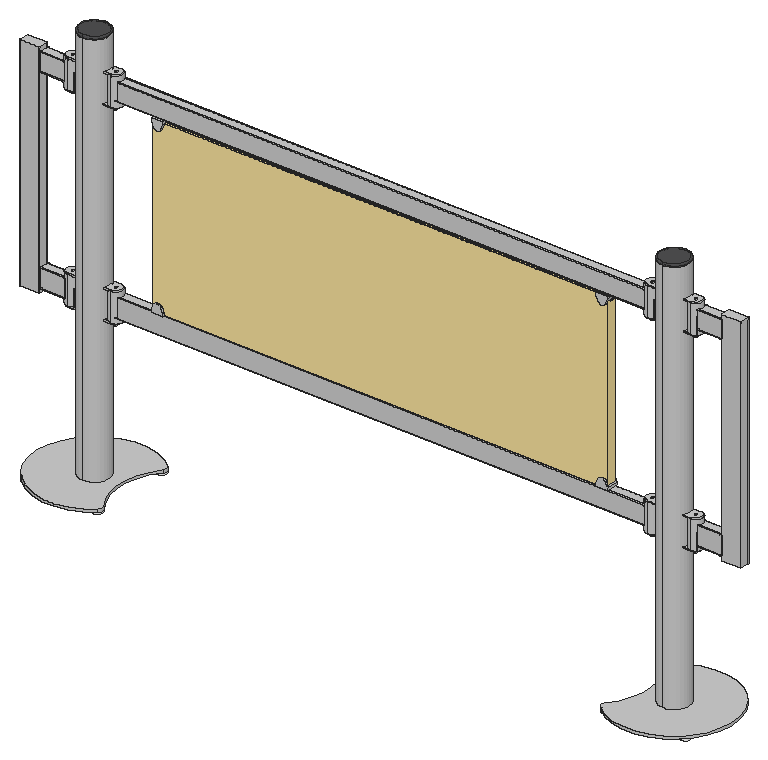
Revit family "PQR-541-PNL", category Furniture, Revit 2021
Family settings
  OmniClass Number = 23.40.20.00
  OmniClass Title = General Furniture and Specialties
  Work Plane-Based = No
  Always vertical = Yes
  Cut with Voids When Loaded = No
  Shared = No
  Room Calculation Point = No
Parameters
  W = 5' - 0"
  Frame [instance] = CEN_Frame_Metallic Silver Powdercoat (MS)
  Panel [instance] = Render Material 255-223-127
  Model = "PQR-541-PNL"
  End pieces on/off R [instance] = yes
  End pieces on/off L [instance] = yes
  Default Elevation = 0' - 0"
Reference planes (in)
  plane 1 "Center Front/Back": y = 0
  plane 2: z = 0
  plane 3 "Center Left/Right": x = 0
  plane 4: x = -30
  plane 5: x = 30
  plane 6: x = -23.5
  plane 7: x = 23.5
  plane 8: x = -27.5
  plane 9: x = 27.5
Forms (in)
  Extrusion 1, solid, material "CEN_Frame_Metallic Silver Powdercoat (MS)" <- "Frame"
    sketch origin (-23.29168, 0.50272, 36.0271) x (0, -1, 0) y (0, 0, 1)
      loop
        line (1, 0) -> (1, 1.78554)
        arc (1, 1.78554) -> (0.98091, 1.83163) -> (0.93482, 1.85072) r 0.06518
        line (0.93482, 1.85072) -> (0.06518, 1.85072)
        arc (0.06518, 1.85072) -> (0.01909, 1.83163) -> (0, 1.78554) r 0.06518
        line (0, 1.78554) -> (0, 0)
        arc (0, 0) -> (0.01909, -0.04609) -> (0.06518, -0.06518) r 0.06518
        line (0.06518, -0.06518) -> (0.93482, -0.06518)
        arc (0.93482, -0.06518) -> (0.98091, -0.04609) -> (1, 0) r 0.06518
      loop
        line (1, -20.08373) -> (1, -18.21446)
        arc (1, -18.21446) -> (0.98091, -18.16837) -> (0.93482, -18.14928) r 0.06518
        line (0.93482, -18.14928) -> (0.06518, -18.14928)
        arc (0.06518, -18.14928) -> (0.01909, -18.16837) -> (0, -18.21446) r 0.06518
        line (0, -18.21446) -> (0, -20.08373)
        arc (0, -20.08373) -> (0.01909, -20.12982) -> (0.06518, -20.14891) r 0.06518
        line (0.06518, -20.14891) -> (0.93482, -20.14891)
        arc (0.93482, -20.14891) -> (0.98091, -20.12982) -> (1, -20.08373) r 0.06518
    from 4.20832 to -50.79168
  Extrusion 2, solid, material "Render Material 255-223-127" <- "Panel"
    sketch origin (0, 0, 0) x (0, 1, 0) y (0, 0, 1)
      loop
        line (0.5, 17.96904) -> (0.5, 35.78154) -> (0.4375, 35.78154) -> (-0.4375, 35.78154) -> (-0.5, 35.78154) -> (-0.5, 17.96904) -> (-0.4375, 17.96904) -> (0.4375, 17.96904) -> (0.5, 17.96904)
    from -23.5 to 23.5
  Extrusion 3, solid, material "CEN_Frame_Metallic Silver Powdercoat (MS)" <- "Frame"
    sketch origin (0, 0, 0) x (1, 0, 0) y (0, 0, 1)
      loop
        line (-22.4145, 35.87529) -> (-23.5855, 35.87529) -> (-23.5855, 35.65654) -> (-23.41169, 35.17323)
        arc (-23.41169, 35.17323) -> (-23, 34.88379) -> (-22.58831, 35.17323) r 0.4375
        line (-22.58831, 35.17323) -> (-22.4145, 35.65654) -> (-22.4145, 35.87529)
    from -0.61497 to 0.61159
  Extrusion 4, solid, material "CEN_Frame_Metallic Silver Powdercoat (MS)" <- "Frame"
    sketch origin (0, 0, 0) x (-1, 0, 0) y (0, 0, -1)
      loop
        line (-22.4145, -35.87529) -> (-22.4145, -35.65654) -> (-22.58831, -35.17323)
        arc (-22.58831, -35.17323) -> (-23, -34.88379) -> (-23.41169, -35.17323) r 0.4375
        line (-23.41169, -35.17323) -> (-23.5855, -35.65654) -> (-23.5855, -35.87529) -> (-22.4145, -35.87529)
    from -0.61497 to 0.61159
  Extrusion 5, solid, material "CEN_Frame_Metallic Silver Powdercoat (MS)" <- "Frame"
    sketch origin (0, 0, 53.75058) x (1, 0, 0) y (0, 0, 1)
      loop
        line (-22.4145, -35.87529) -> (-22.4145, -35.65654) -> (-22.58831, -35.17323)
        arc (-22.58831, -35.17323) -> (-23, -34.88379) -> (-23.41169, -35.17323) r 0.4375
        line (-23.41169, -35.17323) -> (-23.5855, -35.65654) -> (-23.5855, -35.87529) -> (-22.4145, -35.87529)
    from -0.61497 to 0.61159
  Extrusion 6, solid, material "CEN_Frame_Metallic Silver Powdercoat (MS)" <- "Frame"
    sketch origin (0, 0, 53.75058) x (-1, 0, 0) y (0, 0, -1)
      loop
        line (-22.4145, 35.87529) -> (-23.5855, 35.87529) -> (-23.5855, 35.65654) -> (-23.41169, 35.17323)
        arc (-23.41169, 35.17323) -> (-23, 34.88379) -> (-22.58831, 35.17323) r 0.4375
        line (-22.58831, 35.17323) -> (-22.4145, 35.65654) -> (-22.4145, 35.87529)
    from -0.61497 to 0.61159
Dimensions and locks (in)
  equal spacing: plane 4, plane 3 "Center Left/Right", plane 5
  "W": plane 4 to plane 5
  locked: plane 7 to plane 5 at 6.5
  locked: plane 6 to plane 4 at 6.5
  locked: plane 4 to plane 8 at 2.5
  locked: plane 5 to plane 9 at 2.5
  aligned and locked: level to plane 2
  aligned and locked: plane 4 to nested 1
  aligned and locked: nested 2 to plane 5
  aligned and locked: Extrusion 2 to plane 6
  aligned and locked: Extrusion 2 to plane 7
  aligned and locked: plane 9 to Extrusion 1
  aligned and locked: Extrusion 1 to plane 8
Automatic sketch dimensions
  Extrusion 1 sketch curve to Extrusion 1 sketch curve = 0' - 0.06518"  (x6)
  plane 1 "Center Front/Back" to Extrusion 2 sketch curve = 0' - 0 1/2"
  Extrusion 2 sketch curve to Extrusion 2 sketch curve = 0' - 0 1/16"  (x3)
  Extrusion 2 sketch curve to plane 1 "Center Front/Back" = 0' - 0 7/16"  (x2)
  level to Extrusion 2 sketch curve = 1' - 5.96904"
  Extrusion 2 sketch curve to Extrusion 2 sketch curve = 1' - 5 13/16"
  Extrusion 1 sketch curve to plane 1 "Center Front/Back" = 0' - 0.50272"  (x2)
  plane 1 "Center Front/Back" to Extrusion 1 sketch curve = 0' - 0.43209"  (x4)
  level to Extrusion 1 sketch curve = 1' - 3.87818"
  Extrusion 1 sketch curve to Extrusion 1 sketch curve = 0' - 1.86927"
  Extrusion 1 sketch curve to Extrusion 1 sketch curve = 1' - 6.08409"
  Extrusion 1 sketch curve to Extrusion 1 sketch curve = 0' - 1.78554"
  Extrusion 3 sketch curve to plane 6 = 0' - 0.0855"
  plane 6 to Extrusion 3 sketch curve = 0' - 0.08831"
  Extrusion 3 sketch curve to Extrusion 3 sketch curve = 0' - 0.41169"  (x2)
  Extrusion 3 sketch curve to Extrusion 3 sketch curve = 0' - 0.17381"
  level to Extrusion 3 sketch curve = 2' - 11.17323"
  Extrusion 3 sketch curve to Extrusion 3 sketch curve = 0' - 0.14806"
  Extrusion 3 sketch curve to Extrusion 3 sketch curve = 0' - 0.48331"  (x2)
  Extrusion 3 sketch curve to Extrusion 3 sketch curve = 0' - 0 7/32"
  Extrusion 4 sketch curve to plane 7 = 0' - 0.0855"
  plane 7 to Extrusion 4 sketch curve = 0' - 0.08831"
  Extrusion 4 sketch curve to Extrusion 4 sketch curve = 0' - 0.41169"  (x2)
  Extrusion 4 sketch curve to Extrusion 4 sketch curve = 0' - 0.17381"
  level to Extrusion 4 sketch curve = 2' - 11.87529"
  Extrusion 4 sketch curve to Extrusion 4 sketch curve = 0' - 0 7/32"  (x2)
  Extrusion 4 sketch curve to Extrusion 4 sketch curve = 0' - 0.33525"
  Extrusion 4 sketch curve to Extrusion 4 sketch curve = 0' - 0.14806"
  Extrusion 5 sketch curve to plane 6 = 0' - 0.0855"
  plane 6 to Extrusion 5 sketch curve = 0' - 0.08831"
  Extrusion 5 sketch curve to Extrusion 5 sketch curve = 0' - 0.41169"  (x2)
  Extrusion 5 sketch curve to Extrusion 5 sketch curve = 0' - 0.17381"
  level to Extrusion 5 sketch curve = 1' - 5.87529"
  Extrusion 5 sketch curve to Extrusion 5 sketch curve = 0' - 0 7/32"  (x2)
  Extrusion 5 sketch curve to Extrusion 5 sketch curve = 0' - 0.33525"
  Extrusion 5 sketch curve to Extrusion 5 sketch curve = 0' - 0.14806"
  Extrusion 6 sketch curve to plane 7 = 0' - 0.0855"
  plane 7 to Extrusion 6 sketch curve = 0' - 0.08831"
  Extrusion 6 sketch curve to Extrusion 6 sketch curve = 0' - 0.41169"  (x2)
  Extrusion 6 sketch curve to Extrusion 6 sketch curve = 0' - 0.17381"
  level to Extrusion 6 sketch curve = 1' - 6.57735"
  Extrusion 6 sketch curve to Extrusion 6 sketch curve = 0' - 0.14806"
  Extrusion 6 sketch curve to Extrusion 6 sketch curve = 0' - 0.48331"  (x2)
  Extrusion 6 sketch curve to Extrusion 6 sketch curve = 0' - 0 7/32"
Nested families (in)
  nested 1: "PQR-341-post " at (-30, 0, 0) x (0, 1, 0) z (0, 0, 1), END KIT <- "End pieces on/off L", type "PQR-341-post "
  nested 2: "PQR-341-post " at (30, 0, 0) x (0, 1, 0) z (0, 0, 1), END KIT <- "End pieces on/off R", type "PQR-341-post "
Definition of nested family "PQR-341-post "
  Parameters (values of type "PQR-341-post ")
    plastic button = none
    Post = none
    END KIT [instance] = no
    Default Elevation = 0' - 0"
  Types (2): name
    PQR-341-post
    NOT END KIT
  Reference planes (in)
    plane 1 "Center Front/Back": y = 0
    plane 2: z = 0
    plane 3 "Center Left/Right": x = 0
    plane 4: z = 41.62154
    plane 5: z = 41.43404
    plane 6: z = 38.43918
    plane 7: z = 35.46343
    plane 8: z = 38.31958
    plane 9: z = 35.34626
    plane 10: z = 35.0779
    plane 11: z = 34.93741
    plane 12: z = 18.43657
    plane 13: z = 18.31697
    plane 14: z = 38.28685
    plane 15: z = 15.46357
    plane 16: z = 37.79482
    plane 17: z = 17.87782
    plane 18: z = 15.87818
  Forms (in)
    Extrusion 1, solid, material <- "Post"
      sketch origin (-0.02853, -0.08679, 0) x (1, 0, 0) y (0, 1, 0)
        loop
          arc (-3.79412, 4.14027) -> (-4.14981, 4.24664) -> (-4.48079, 4.07846) r 0.5
          arc (-4.48079, 4.07846) -> (0.03357, -5.88186) -> (4.53637, 4.0837) r 6.00161
          arc (4.53637, 4.0837) -> (4.20519, 4.25149) -> (3.84963, 4.14471) r 0.5
          arc (3.84963, 4.14471) -> (0.02853, 2.80874) -> (-3.79412, 4.14027) r 6.14269
      from 0.18657 to 0.43657
    Extrusion 2, solid, material <- "plastic button"
      sketch origin (0, 0, 0) x (1, 0, 0) y (0, 1, 0)
        loop
          circle (0, 0) r 1.5
      from 41.43404 to 41.62154
    Extrusion 3, solid, material <- "Post", visible <- "END KIT"
      sketch origin (0, 0, 0) x (1, 0, 0) y (0, 1, 0)
        loop
          circle (0.00169, -2.23449) r 0.6875
      from 35.46343 to 38.31958
    Extrusion 4, solid, material <- "Post"
      sketch origin (0, 0, 0) x (1, 0, 0) y (0, 1, 0)
        loop
          circle (0.00169, 2.23449) r 0.11265
        loop
          circle (0.00169, -2.23449) r 0.11265
        loop
          line (0.61497, -2.23449) -> (0.61497, 2.23449)
          arc (0.61497, 2.23449) -> (0.00169, 2.84777) -> (-0.61159, 2.23449) r 0.61328
          line (-0.61159, 2.23449) -> (-0.61159, -2.23449)
          arc (-0.61159, -2.23449) -> (0.00169, -2.84777) -> (0.61497, -2.23449) r 0.61328
      from 38.31958 to 38.43918
    Extrusion 5, solid, material <- "Post"
      sketch origin (0, 0, 0) x (1, 0, 0) y (0, 1, 0)
        loop
          circle (0.00169, 2.23449) r 0.11265
        loop
          circle (0.00169, -2.23449) r 0.11265
        loop
          line (0.61497, -2.23449) -> (0.61497, 2.23449)
          arc (0.61497, 2.23449) -> (0.00169, 2.84777) -> (-0.61159, 2.23449) r 0.61328
          line (-0.61159, 2.23449) -> (-0.61159, -2.23449)
          arc (-0.61159, -2.23449) -> (0.00169, -2.84777) -> (0.61497, -2.23449) r 0.61328
      from 35.34626 to 35.46343
    Extrusion 6, solid, material <- "Post"
      sketch origin (0, 0, 0) x (1, 0, 0) y (0, 1, 0)
        loop
          line (0.06349, 1.95369) -> (0.27562, 2.14947) -> (0.21213, 2.43108) -> (-0.06349, 2.5169) -> (-0.27562, 2.32111) -> (-0.21213, 2.0395) -> (0.06349, 1.95369)
        loop
          circle (0.00169, 2.23449) r 0.11265
      from 35.0779 to 35.34626
    Extrusion 7, solid, material <- "Post", visible <- "END KIT"
      sketch origin (0, 0, 0) x (1, 0, 0) y (0, 1, 0)
        loop
          circle (0.00169, -2.23449) r 0.11265
      from 34.93741 to 38.43918
    Sweep 8, void
      path in 3D
        loop
          arc (1.5, 0, 41.62154) -> (0, -1.5, 41.62154) -> (-1.5, 0, 41.62154) r 1.5
          arc (-1.5, 0, 41.62154) -> (0, 1.5, 41.62154) -> (1.5, 0, 41.62154) r 1.5
      profile origin (0, 1.5, 41.62154) x (0, 1, 0) y (0, 0, 1)
        loop
          line (0, -0.12486) -> (0.05983, -0.12486) -> (0.05983, 0) -> (-0.12486, 0)
          arc (-0.12486, 0) -> (-0.03657, -0.03657) -> (0, -0.12486) r 0.12486
    Extrusion 9, solid, material <- "Post"
      sketch origin (0, 0, 0) x (1, 0, 0) y (0, 1, 0)
        loop
          circle (0.00169, 2.23449) r 0.11265
      from 34.93741 to 38.43918
    Extrusion 10, solid, material <- "Post"
      sketch origin (0, 0, -20) x (1, 0, 0) y (0, 1, 0)
        loop
          circle (0.00169, 2.23449) r 0.11265
        loop
          circle (0.00169, -2.23449) r 0.11265
        loop
          line (0.61497, -2.23449) -> (0.61497, 2.23449)
          arc (0.61497, 2.23449) -> (0.00169, 2.84777) -> (-0.61159, 2.23449) r 0.61328
          line (-0.61159, 2.23449) -> (-0.61159, -2.23449)
          arc (-0.61159, -2.23449) -> (0.00169, -2.84777) -> (0.61497, -2.23449) r 0.61328
      from 38.31697 to 38.43657
    Extrusion 11, solid, material <- "Post"
      sketch origin (0, 0, -20) x (1, 0, 0) y (0, 1, 0)
        loop
          circle (0.00169, 2.23449) r 0.11265
        loop
          circle (0.00169, -2.23449) r 0.11265
        loop
          line (0.61497, -2.23449) -> (0.61497, 2.23449)
          arc (0.61497, 2.23449) -> (0.00169, 2.84777) -> (-0.61159, 2.23449) r 0.61328
          line (-0.61159, 2.23449) -> (-0.61159, -2.23449)
          arc (-0.61159, -2.23449) -> (0.00169, -2.84777) -> (0.61497, -2.23449) r 0.61328
      from 35.34365 to 35.46082
    Extrusion 12, solid, material <- "Post", visible <- "END KIT"
      sketch origin (0, 0, -20) x (1, 0, 0) y (0, 1, 0)
        loop
          circle (0.00169, -2.23449) r 0.11265
      from 34.9348 to 38.43657
    Extrusion 13, solid, material <- "Post"
      sketch origin (0, 0, -20) x (1, 0, 0) y (0, 1, 0)
        loop
          circle (0.00169, 2.23449) r 0.11265
      from 34.9348 to 38.43657
    Extrusion 14, solid
      sketch origin (-0.02853, -0.08679, 0) x (1, 0, 0) y (0, 1, 0)
        loop
          circle (-4.10805, 3.76384) r 0.48854
        loop
          circle (4.16511, 3.76384) r 0.48854
        loop
          circle (-3.62282, -3.98401) r 0.48854
        loop
          circle (3.67988, -3.98401) r 0.48854
      from 0 to 0.18657
    Extrusion 15, solid, material <- "Post"
      sketch origin (0, 0, 0) x (1, 0, 0) y (0, 1, 0)
        loop
          circle (0, 0) r 1.5
      from 0.43657 to 41.43404
    Extrusion 16, solid, material <- "Post", visible <- "END KIT"
      sketch origin (0, 0, 0) x (1, 0, 0) y (0, 1, 0)
        loop
          line (0.44955, -5.29168) -> (-0.44411, -5.29168)
          arc (-0.44411, -5.29168) -> (-0.4817, -5.30725) -> (-0.49728, -5.34485) r 0.05317
          line (-0.49728, -5.34485) -> (-0.49728, -7.23851)
          arc (-0.49728, -7.23851) -> (-0.4817, -7.27611) -> (-0.44411, -7.29168) r 0.05317
          line (-0.44411, -7.29168) -> (0.44955, -7.29168)
          arc (0.44955, -7.29168) -> (0.48715, -7.27611) -> (0.50272, -7.23851) r 0.05317
          line (0.50272, -7.23851) -> (0.50272, -5.34485)
          arc (0.50272, -5.34485) -> (0.48715, -5.30725) -> (0.44955, -5.29168) r 0.05317
      from 15.46357 to 38.28685
    Extrusion 17, solid, material <- "Post", visible <- "END KIT"
      sketch origin (0, 0, 0) x (1, 0, 0) y (0, 0, 1)
        loop
          line (-0.43209, 35.96191) -> (0.43754, 35.96191)
          arc (0.43754, 35.96191) -> (0.48363, 35.981) -> (0.50272, 36.0271) r 0.06518
          line (0.50272, 36.0271) -> (0.50272, 37.81264)
          arc (0.50272, 37.81264) -> (0.48363, 37.85873) -> (0.43754, 37.87782) r 0.06518
          line (0.43754, 37.87782) -> (-0.43209, 37.87782)
          arc (-0.43209, 37.87782) -> (-0.47818, 37.85873) -> (-0.49728, 37.81264) r 0.06518
          line (-0.49728, 37.81264) -> (-0.49728, 36.0271)
          arc (-0.49728, 36.0271) -> (-0.47818, 35.981) -> (-0.43209, 35.96191) r 0.06518
        loop
          line (-0.43209, 15.87818) -> (0.43754, 15.87818)
          arc (0.43754, 15.87818) -> (0.48363, 15.89727) -> (0.50272, 15.94336) r 0.06518
          line (0.50272, 15.94336) -> (0.50272, 17.81264)
          arc (0.50272, 17.81264) -> (0.48363, 17.85873) -> (0.43754, 17.87782) r 0.06518
          line (0.43754, 17.87782) -> (-0.43209, 17.87782)
          arc (-0.43209, 17.87782) -> (-0.47818, 17.85873) -> (-0.49728, 17.81264) r 0.06518
          line (-0.49728, 17.81264) -> (-0.49728, 15.94336)
          arc (-0.49728, 15.94336) -> (-0.47818, 15.89727) -> (-0.43209, 15.87818) r 0.06518
      from 2.63684 to 5.29168
    Extrusion 18, solid, material <- "Post"
      sketch origin (0, 0, 0) x (1, 0, 0) y (0, 1, 0)
        loop
          circle (0.00169, 2.23449) r 0.6875
      from 35.46343 to 38.31958
    Extrusion 19, solid, material <- "Post"
      sketch origin (0, 0, -20) x (1, 0, 0) y (0, 1, 0)
        loop
          circle (0.00169, 2.23449) r 0.6875
      from 35.46082 to 38.31697
    Extrusion 20, solid, material <- "Post", visible <- "END KIT"
      sketch origin (0, 0, -20) x (1, 0, 0) y (0, 1, 0)
        loop
          circle (0.00169, -2.23449) r 0.6875
      from 35.46082 to 38.31697
    Extrusion 21, solid, material <- "Post", visible <- "END KIT"
      sketch origin (0, 0, 0) x (1, 0, 0) y (0, 1, 0)
        loop
          line (0.06349, -1.95369) -> (-0.21213, -2.0395) -> (-0.27562, -2.32111) -> (-0.06349, -2.5169) -> (0.21213, -2.43108) -> (0.27562, -2.14947) -> (0.06349, -1.95369)
        loop
          circle (0.00169, -2.23449) r 0.11265
      from 35.0779 to 35.34626
    Extrusion 22, solid, material <- "Post"
      sketch origin (0, 0, -20.00261) x (1, 0, 0) y (0, 1, 0)
        loop
          line (0.06349, 1.95369) -> (0.27562, 2.14947) -> (0.21213, 2.43108) -> (-0.06349, 2.5169) -> (-0.27562, 2.32111) -> (-0.21213, 2.0395) -> (0.06349, 1.95369)
        loop
          circle (0.00169, 2.23449) r 0.11265
      from 35.0779 to 35.34626
    Extrusion 23, solid, material <- "Post", visible <- "END KIT"
      sketch origin (0, 0, -20.00261) x (1, 0, 0) y (0, 1, 0)
        loop
          line (0.06349, -1.95369) -> (-0.21213, -2.0395) -> (-0.27562, -2.32111) -> (-0.06349, -2.5169) -> (0.21213, -2.43108) -> (0.27562, -2.14947) -> (0.06349, -1.95369)
        loop
          circle (0.00169, -2.23449) r 0.11265
      from 35.0779 to 35.34626
  Cuts and joins
    Sweep 8 cuts Extrusion 2
    joined: Extrusion 3, Extrusion 17
  Lines and regions (in)
    sketch lines
      curve 1: arc (-1.5, 0, 41.62154) -> (0, 1.5, 41.62154) -> (1.5, 0, 41.62154) r 1.5
      curve 2: arc (1.5, 0, 41.62154) -> (0, -1.5, 41.62154) -> (-1.5, 0, 41.62154) r 1.5
  Dimensions and locks (in)
    plane 4 to level = 3' - 5.62154"
    locked: plane 4 to plane 5 at 0.1875
    plane 11 to plane 10 to plane 9 to plane 7 to plane 8 to plane 6 = 0' - 0.14049" locked, 0' - 0.26836" locked, 0' - 0 15/128" locked, 0' - 2.85615" locked, 0' - 0.1196" locked
    locked: plane 7 to plane 4 at 6.15811
    locked: plane 14 to plane 15 at 22.82328
    locked: plane 14 to plane 6 at 0.15234
    aligned and locked: level to plane 2
    aligned and locked: plane 4 to Extrusion 2
    aligned and locked: Extrusion 14 to level
    aligned and locked: plane 5 to cut or joined group of Extrusion 2, Sweep 8
    aligned and locked: Extrusion 15 to plane 5
    aligned and locked: plane 5 to Extrusion 15
    aligned and locked: plane 6 to Extrusion 4
    aligned and locked: plane 7 to Extrusion 3  (x2)
    aligned and locked: plane 8 to Extrusion 3
    aligned and locked: plane 11 to Extrusion 7  (x2)
    aligned and locked: plane 11 to Extrusion 9
    aligned and locked: plane 10 to Extrusion 6
    aligned and locked: Extrusion 6 to plane 10
    aligned and locked: plane 9 to Extrusion 5
    aligned and locked: Extrusion 6 to plane 9
    aligned and locked: Extrusion 5 to plane 9  (x2)
    aligned and locked: Extrusion 5 to plane 7
    aligned and locked: plane 7 to Extrusion 5
    aligned and locked: plane 8 to Extrusion 4
    aligned and locked: Extrusion 4 to Extrusion 9
    aligned and locked: Extrusion 7 to plane 6
    aligned and locked: plane 12 to Extrusion 10
    aligned and locked: plane 14 to Extrusion 16
    aligned and locked: plane 15 to Extrusion 16
